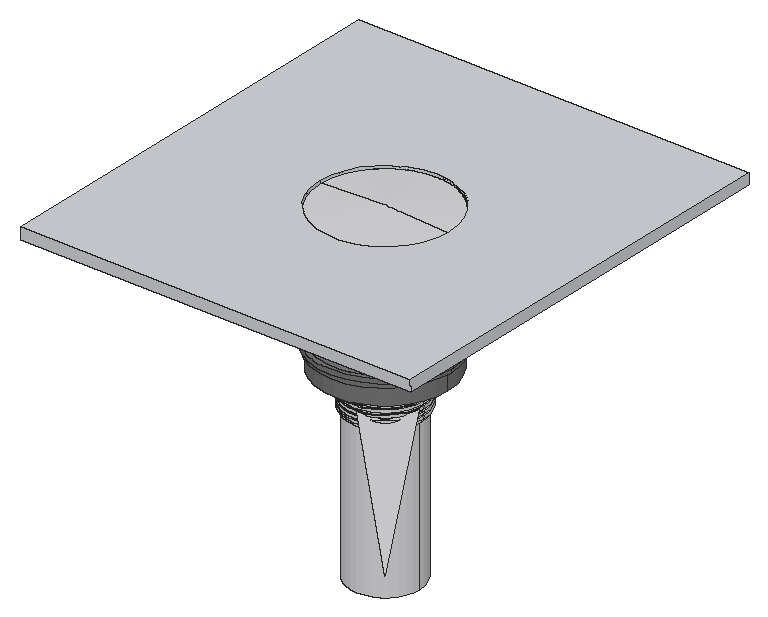
Revit family "DESAGÜE PUSH LARGO SIN REBOSE", category Aparatos sanitarios, Revit 2020
Family settings
  Cota de conector redondo = Diámetro de uso
  Tipo de pieza = Normal
  Número OmniClass = 23.45.00.00
  Título OmniClass = Sanitary, Laundry, and Cleaning Equipment
  Se basa en plano de trabajo = No
  Siempre vertical = Sí
  Corte con vacíos al cargar = No
  Compartido = No
  Punto de cálculo de habitación = No
Parameters
  Weight Net (Kg) = "6.60Kg"
  Plastico - ABS Cromado = Plastico - ABS Cromado
  Metal Laton Cromado = Metal Laton Cromado
  Default Elevation = 0.0 mm
  Waste Connection = no
  Vent Connection = no
  Type Comments = ""
  Nominal width = "370"
  Nominal height = "130"
  Model = ""
  Manufacturer = ""
  Keynote = ""
  HW Connection = no
  Cost = 0
  CW Connection = no
  Caucho = Caucho
Reference planes
  plane 1 "Center (Front/Back)": y = 0
  plane 2: z = 0
  plane 3 "Center (Left/Right)": x = 0
  plane 4 "11": x = -31.5
  plane 5: x = -16
  plane 6: x = 31.5
  plane 7 "13": y = 55
  plane 8 "14": y = -55
  plane 9 "mr": y = 48.658
  plane 10: x = 16
  plane 11 "16": z = -224
Forms (mm)
  Revolve 1, solid, material "Metal Laton Cromado" <- "Metal Laton Cromado"
    sketch origin (0.449, -0.057, -37.001) x (1, 0, 0) y (0, 0, 1)
      loop
        line (-17.98, 1.803) -> (-18.849, 1.803) -> (-18.849, 0.561) -> (-17.98, 0.561) -> (-17.98, -0.227) -> (-18.849, -0.227) -> (-18.849, -1.391) -> (-17.98, -1.391) -> (-17.98, -2.257) -> (-18.849, -2.257) -> (-18.849, -3.422) -> (-17.98, -3.422) -> (-17.98, -4.365) -> (-18.849, -4.365) -> (-18.849, -5.53) -> (-17.98, -5.53) -> (-17.98, -6.395) -> (-18.849, -6.395) -> (-18.849, -7.56) -> (-17.98, -7.56) -> (-17.98, -8.504) -> (-18.849, -8.504) -> (-18.849, -10.424) -> (-0.449, -10.424) -> (-0.449, 5.09) -> (-17.98, 5.09) -> (-17.98, 3.911) -> (-18.849, 3.911) -> (-18.849, 2.747) -> (-17.98, 2.747) -> (-17.98, 1.803)
      axis (-0.449, 5.09) -> (-0.449, -10.424)
    angle from 0 to 360
  Revolve 2, solid, material "Plastico - ABS Cromado" <- "Plastico - ABS Cromado"
    sketch origin (-0.032, -0.057, -107.117) x (1, 0, 0) y (0, 0, 1)
      loop
        line (-15.968, 30.117) -> (-15.968, -46.166) -> (-0.093, -46.166) -> (-0.093, 30.117) -> (-15.968, 30.117)
      axis (0.032, 30.117) -> (0.032, -46.166)
    angle from 0 to 360
  Revolve 3, solid, material "Metal Laton Cromado" <- "Metal Laton Cromado"
    sketch origin (0.003, 0, 12.646) x (1, 0, 0) y (0, 0, 1)
      loop
        line (31.452, -16.522) -> (31.452, -15.466)
        arc (31.452, -15.466) -> (30.833, -14.486) -> (29.738, -14.103) r 1.759
        arc (29.738, -14.103) -> (14.886, -13.01) -> (0, -12.596) r 326.242
        line (0, -12.596) -> (0, -16.522) -> (31.452, -16.522)
      axis (0, -16.522) -> (0, -12.596)
    angle from 0 to 360
  Revolve 4, solid, material "Caucho" <- "Caucho"
    sketch origin (0.003, 0, -15.365) x (1, 0, 0) y (0, 0, 1)
      loop
        line (-20.134, -51.315) -> (-20.134, -43.12) -> (-29.12, -43.12) -> (-29.12, -51.315) -> (-20.134, -51.315)
      axis (-0.003, -43.12) -> (-0.003, -51.315)
    angle from 0 to 360
  Revolve 5, solid, material "Caucho" <- "Caucho"
    sketch origin (0.003, 0, -22.24) x (1, 0, 0) y (0, 0, 1)
      loop
        line (-31.503, -31.839) -> (-31.503, -33.95) -> (-30.619, -33.95) -> (-30.619, -36.233) -> (-19.377, -36.233) -> (-19.377, -25.184) -> (-24.426, -25.184) -> (-29.462, -31.839) -> (-31.503, -31.839)
      axis (-0.003, -36.233) -> (-0.003, -25.184)
    angle from 0 to 360
  Revolve 6, solid, material "Metal Laton Cromado" <- "Metal Laton Cromado"
    sketch origin (0.449, -0.057, -88.101) x (1, 0, 0) y (0, 0, 1)
      loop
        line (-17.457, 9.059) -> (-18.326, 9.059) -> (-18.326, 7.972) -> (-17.457, 7.972) -> (-17.457, 7.185) -> (-18.326, 7.185) -> (-18.326, 6.02) -> (-17.457, 6.02) -> (-17.457, 4.463) -> (-0.446, 4.463) -> (-0.446, 21.421) -> (-18.326, 21.421) -> (-18.326, 20.257) -> (-17.457, 20.257) -> (-17.457, 19.313) -> (-18.326, 19.313) -> (-18.326, 18.226) -> (-17.457, 18.226) -> (-17.457, 17.439) -> (-18.326, 17.439) -> (-18.326, 16.171) -> (-17.457, 16.171) -> (-17.457, 15.384) -> (-18.326, 15.384) -> (-18.326, 14.297) -> (-17.457, 14.297) -> (-17.457, 13.354) -> (-18.326, 13.354) -> (-18.326, 12.189) -> (-17.457, 12.189) -> (-17.457, 11.167) -> (-18.326, 11.167) -> (-18.326, 10.003) -> (-17.457, 10.003) -> (-17.457, 9.059)
      axis (-0.446, 4.463) -> (-0.446, 21.421)
    angle from 0 to 360
  Revolve 7, solid, material "Metal Laton Cromado" <- "Metal Laton Cromado"
    sketch origin (0.003, 0, 28.514) x (1, 0, 0) y (0, 0, 1)
      loop
        line (-12.878, -60.425) -> (-12.878, -44.873) -> (-31.503, -44.873) -> (-31.503, -47.029)
        arc (-31.503, -47.029) -> (-26.848, -47.833) -> (-22.878, -50.394) r 11.842
        line (-22.878, -50.394) -> (-22.878, -60.425) -> (-12.878, -60.425)
      axis (0, -44.873) -> (0, -60.425)
    angle from 0 to 360
  Revolve 8, solid, material "Caucho" <- "Caucho"
    sketch origin (0, 0, 0) x (1, 0, 0) y (0, 0, 1)
      loop
        line (-11.589, -16.359) -> (-7.497, -16.359) -> (-7.497, -3.878) -> (-11.589, -3.878) -> (-11.589, -5.384) -> (-14.835, -5.384) -> (-18.262, -7.783) -> (-22.341, -7.783) -> (-22.341, -9.44) -> (-21.15, -10.631) -> (-13.464, -10.631) -> (-13.464, -12.58) -> (-11.589, -14.331) -> (-11.589, -16.359)
      axis (0, -16.359) -> (0, -3.878)
    angle from 0 to 360
  Extrusion 9, solid
    sketch origin (-83.067, 112.792, -5.384) x (-1, 0, 0) y (0, -1, 0)
      loop
        line (-170.209, 12.191) -> (9.791, 12.191) -> (9.791, 207.191) -> (-170.209, 207.191) -> (-170.209, 12.191)
      loop
        circle (-83.155, 112.965) r 30
    from 0 to 5
Dimensions and locks
  locked: plane 8 "14" to plane 7 "13" at 110
  plane 8 "14" to plane 1 "Center (Front/Back)" = 55.0 mm
  plane 3 "Center (Left/Right)" to plane 5 = 16.0 mm  (x2)
  plane 10 to plane 3 "Center (Left/Right)" = 16.0 mm
  plane 10 to plane 5 = 32.0 mm  (x2)
  equal spacing: plane 10, plane 3 "Center (Left/Right)", plane 5  (x2)
  plane 4 "11" to plane 6 = 63.0 mm
  plane 6 to plane 4 "11" = 63.0 mm  (x2)
  plane 11 "16" to level = 224.0 mm
  equal spacing: plane 6, plane 3 "Center (Left/Right)", plane 4 "11"
  level to plane 11 "16" = 224.0 mm  (x2)
  Revolve 2 sketch curve to Revolve 2 sketch curve = 15.875 mm
  plane 6 to plane 3 "Center (Left/Right)" = 31.5 mm
  aligned and locked: level to plane 2
Automatic sketch dimensions
  plane 11 "16" to Revolve 2 sketch curve = 70.717 mm
  Revolve 2 sketch curve to plane 5 = 0.0 mm
  Revolve 2 sketch curve to level = 77.0 mm
  plane 3 "Center (Left/Right)" to Revolve 2 sketch curve = 0.0 mm
  Revolve 2 sketch curve to Revolve 2 sketch curve = 45.035 mm
  Revolve 2 sketch curve to Revolve 2 sketch curve = 2.833 mm
  Revolve 4 sketch curve to plane 3 "Center (Left/Right)" = 0.0 mm
  Revolve 4 sketch curve to plane 5 = 4.131 mm
  plane 4 "11" to Revolve 4 sketch curve = 2.383 mm
  Revolve 4 sketch curve to level = 66.68 mm
  Revolve 4 sketch curve to Revolve 4 sketch curve = 8.196 mm
  Revolve 4 sketch curve to Revolve 4 sketch curve = 9.332 mm
  Revolve 4 sketch curve to Revolve 4 sketch curve = 6.705 mm
  plane 4 "11" to Revolve 6 sketch curve = 13.623 mm  (x2)
  Revolve 6 sketch curve to Revolve 6 sketch curve = 0.0 mm  (x6)
  Revolve 6 sketch curve to Revolve 6 sketch curve = 0.869 mm  (x8)
  plane 3 "Center (Left/Right)" to Revolve 6 sketch curve = 0.003 mm  (x2)
  Revolve 6 sketch curve to level = 83.638 mm
  Revolve 6 sketch curve to Revolve 6 sketch curve = 1.557 mm
  Revolve 6 sketch curve to Revolve 6 sketch curve = 1.165 mm  (x4)
  Revolve 6 sketch curve to Revolve 6 sketch curve = 0.788 mm  (x3)
  Revolve 6 sketch curve to Revolve 6 sketch curve = 1.086 mm  (x3)
  Revolve 6 sketch curve to Revolve 6 sketch curve = 0.944 mm  (x3)
  Revolve 6 sketch curve to Revolve 6 sketch curve = 1.022 mm
  Revolve 6 sketch curve to Revolve 6 sketch curve = 1.268 mm
  Revolve 6 sketch curve to Revolve 6 sketch curve = 11.918 mm
  Revolve 6 sketch curve to Revolve 6 sketch curve = 7.859 mm
  Revolve 5 sketch curve to plane 4 "11" = 0.0 mm
  Revolve 5 sketch curve to plane 3 "Center (Left/Right)" = 0.0 mm
  plane 4 "11" to Revolve 5 sketch curve = 0.884 mm
  plane 4 "11" to Revolve 5 sketch curve = 2.041 mm
  plane 4 "11" to Revolve 5 sketch curve = 7.077 mm
  Revolve 5 sketch curve to plane 5 = 3.374 mm
  Revolve 5 sketch curve to level = 58.473 mm
  Revolve 5 sketch curve to Revolve 5 sketch curve = 2.283 mm
  Revolve 5 sketch curve to Revolve 5 sketch curve = 11.049 mm
  Revolve 5 sketch curve to Revolve 5 sketch curve = 4.903 mm
  Revolve 5 sketch curve to Revolve 5 sketch curve = 4.286 mm
  Revolve 5 sketch curve to Revolve 5 sketch curve = 2.111 mm
  Revolve 1 sketch curve to plane 3 "Center (Left/Right)" = 0.0 mm  (x2)
  Revolve 1 sketch curve to plane 5 = 1.531 mm  (x2)
  Revolve 1 sketch curve to Revolve 1 sketch curve = 0.0 mm  (x8)
  Revolve 1 sketch curve to Revolve 1 sketch curve = 0.869 mm  (x4)
  Revolve 1 sketch curve to level = 47.425 mm
  Revolve 1 sketch curve to Revolve 1 sketch curve = 1.92 mm
  Revolve 1 sketch curve to Revolve 1 sketch curve = 0.944 mm  (x3)
  Revolve 1 sketch curve to Revolve 1 sketch curve = 1.165 mm  (x5)
  Revolve 1 sketch curve to Revolve 1 sketch curve = 0.866 mm  (x2)
  Revolve 1 sketch curve to Revolve 1 sketch curve = 0.788 mm
  Revolve 1 sketch curve to Revolve 1 sketch curve = 1.243 mm
  Revolve 1 sketch curve to Revolve 1 sketch curve = 1.178 mm
  Revolve 1 sketch curve to Revolve 1 sketch curve = 1.215 mm
  Revolve 1 sketch curve to Revolve 1 sketch curve = 1.727 mm
  Revolve 7 sketch curve to plane 4 "11" = 0.0 mm
  plane 4 "11" to Revolve 7 sketch curve = 0.351 mm
  Revolve 7 sketch curve to plane 5 = 6.875 mm
  plane 5 to Revolve 7 sketch curve = 3.125 mm
  Revolve 7 sketch curve to level = 31.911 mm
  Revolve 7 sketch curve to Revolve 7 sketch curve = 1.56 mm
  Revolve 7 sketch curve to Revolve 7 sketch curve = 10.032 mm
  Revolve 7 sketch curve to Revolve 7 sketch curve = 5.521 mm
  plane 3 "Center (Left/Right)" to Revolve 7 sketch curve = 0.003 mm
  Revolve 7 sketch curve to Revolve 7 sketch curve = 6.704 mm
  Revolve 7 sketch curve to Revolve 7 sketch curve = 5.724 mm
  Revolve 8 sketch curve to plane 3 "Center (Left/Right)" = 0.0 mm
  Revolve 8 sketch curve to level = 3.878 mm
  Revolve 8 sketch curve to plane 3 "Center (Left/Right)" = 7.497 mm
  Revolve 8 sketch curve to Revolve 8 sketch curve = 4.092 mm  (x2)
  plane 5 to Revolve 8 sketch curve = 2.536 mm
  plane 5 to Revolve 8 sketch curve = 1.165 mm
  Revolve 8 sketch curve to plane 5 = 2.262 mm
  Revolve 8 sketch curve to Revolve 8 sketch curve = 2.889 mm
  Revolve 8 sketch curve to Revolve 8 sketch curve = 1.191 mm  (x2)
  Revolve 8 sketch curve to Revolve 8 sketch curve = 1.506 mm
  Revolve 8 sketch curve to Revolve 8 sketch curve = 2.399 mm
  Revolve 8 sketch curve to Revolve 8 sketch curve = 1.657 mm
  Revolve 8 sketch curve to Revolve 8 sketch curve = 1.949 mm
  Revolve 8 sketch curve to Revolve 8 sketch curve = 1.75 mm
  Revolve 8 sketch curve to Revolve 8 sketch curve = 2.028 mm
  Revolve 8 sketch curve to Revolve 8 sketch curve = 3.56 mm
  Revolve 8 sketch curve to level = 0.612 mm
  Revolve 3 sketch curve to plane 3 "Center (Left/Right)" = 1.627 mm
  plane 3 "Center (Left/Right)" to Revolve 3 sketch curve = 0.003 mm  (x2)
  Revolve 3 sketch curve to plane 6 = 1.759 mm
  Revolve 3 sketch curve to plane 6 = 0.045 mm
  Revolve 3 sketch curve to plane 11 "16" = 102.187 mm
  Revolve 3 sketch curve to level = 3.876 mm
  Revolve 3 sketch curve to Revolve 3 sketch curve = 0.66 mm
  level to Revolve 3 sketch curve = 0.05 mm
  Revolve 3 sketch curve to Revolve 3 sketch curve = 0.209 mm
  Revolve 3 sketch curve to Revolve 3 sketch curve = 5.472 mm
  plane 6 to Extrusion 9 sketch curve = 55.642 mm
  plane 5 to Extrusion 9 sketch curve = 16.088 mm
  Extrusion 9 sketch curve to plane 4 "11" = 61.358 mm
  Extrusion 9 sketch curve to plane 8 "14" = 155.601 mm
  Extrusion 9 sketch curve to Extrusion 9 sketch curve = 100.774 mm
  Extrusion 9 sketch curve to Extrusion 9 sketch curve = 94.226 mm
  radius of Extrusion 9 sketch curve = 30.0 mm
